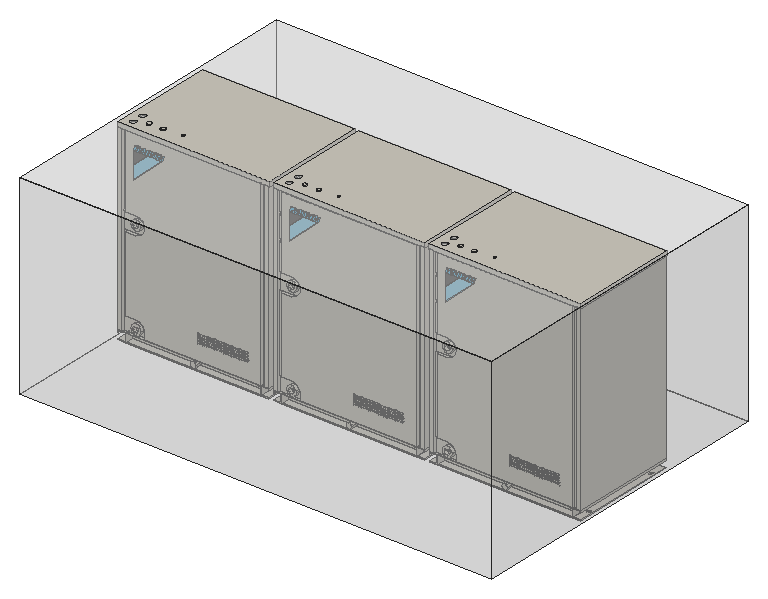
Revit family "outputfile", category 機械設備, Revit 2024
Family settings
  丸型コネクタ寸法 = 半径を使用
  種別 = なし
  パーツ タイプ = 標準
  OmniClass 番号 = 23.75.10.24.21.27.27
  OmniClass タイトル = Split System Air Conditioning Units
  作業面ベース = いいえ
  常に垂直 = はい
  ロード時にボイドで切り取り = いいえ
  注釈の向きを維持 = いいえ
  共有 = いいえ
  部屋計算ポイント = いいえ
Parameters (values of type "RWEYQ26TY14")
  製造元 = "Daikin"
  書き出し IFC クラス(タイプ) = "IfcUnitaryEquipmentType"
  定義済み IFC タイプ(タイプ) = "AIRCONDITIONINGUNIT"
  モデル = "RWEYQ26TY14"
  w_unit3 = 780.0 mm
  w_unit2 = 780.0 mm
  w_unit1 = 780.0 mm
  switch_unit3_6-8 [instance] = if(Reverse_ModuleSequence, if(default_unit1 = 1, 1 = 1, 1 = 0), if(default_unit3 = 1, 1 = 1, 1 = 0))  # yes
  switch_unit3_12 [instance] = if(Reverse_ModuleSequence, if(default_unit1 = 3, 1 = 1, 1 = 0), if(default_unit3 = 3, 1 = 1, 1 = 0))  # no
  switch_unit3_10 [instance] = if(Reverse_ModuleSequence, if(default_unit1 = 2, 1 = 1, 1 = 0), if(default_unit3 = 2, 1 = 1, 1 = 0))  # no
  switch_unit2_6-8 [instance] = if(default_unit2 = 1, 1 = 1, 1 = 0)  # yes
  switch_unit2_12 [instance] = if(default_unit2 = 3, 1 = 1, 1 = 0)  # no
  switch_unit2_10 [instance] = if(default_unit2 = 2, 1 = 1, 1 = 0)  # no
  switch_unit1_6-8 [instance] = if(Reverse_ModuleSequence, if(default_unit3 = 1, 1 = 1, 1 = 0), if(default_unit1 = 1, 1 = 1, 1 = 0))  # no
  switch_unit1_12 [instance] = if(Reverse_ModuleSequence, if(default_unit3 = 3, 1 = 1, 1 = 0), if(default_unit1 = 3, 1 = 1, 1 = 0))  # no
  switch_unit1_10 [instance] = if(Reverse_ModuleSequence, if(default_unit3 = 2, 1 = 1, 1 = 0), if(default_unit1 = 2, 1 = 1, 1 = 0))  # yes
  r_Water Outlet Pipe Connection_unit3 [instance] = Water Outlet Pipe Connection_Unit3 / 2  # 15.9 mm
  r_Water Outlet Pipe Connection_unit2 [instance] = Water Outlet Pipe Connection_Unit2 / 2  # 15.9 mm
  r_Water Outlet Pipe Connection_unit1 [instance] = Water Outlet Pipe Connection_Unit1 / 2  # 15.9 mm
  r_Water Inlet Pipe Connection_unit3 [instance] = Water Inlet Pipe Connection_Unit3 / 2  # 15.9 mm
  r_Water Inlet Pipe Connection_unit2 [instance] = Water Inlet Pipe Connection_Unit2 / 2  # 15.9 mm
  r_Water Inlet Pipe Connection_unit1 [instance] = Water Inlet Pipe Connection_Unit1 / 2  # 15.9 mm
  r_Drain Pipe Size = Drain Pipe Size / 2  # 6.35 mm
  lw_Water Outlet3 = 95.0 mm
  lw_Water Outlet2 = 95.0 mm
  lw_Water Outlet1 = 95.0 mm
  lw_Water Inlet3 = 95.0 mm
  lw_Water Inlet2 = 95.0 mm
  lw_Water Inlet1 = 95.0 mm
  lw_Drain3 = 390.0 mm
  lw_Drain2 = 390.0 mm
  lw_Drain1 = 390.0 mm
  default_Water Outlet Pipe Connection_Unit 3 = 31.8 mm
  default_Water Outlet Pipe Connection_Unit 2 = 31.8 mm
  default_Water Outlet Pipe Connection_Unit 1 = 31.8 mm
  default_Water Inlet Pipe Connection_Unit 3 = 31.8 mm
  default_Water Inlet Pipe Connection_Unit 2 = 31.8 mm
  default_Water Inlet Pipe Connection_Unit 1 = 31.8 mm
  angle_Drain [instance] = if(Rear Connection_Drain, 180.00°, 0.00°)  # 0.00°
  r_Liquid Pipe Size_unit3 [instance] = Liquid Pipe Size_Unit 3 / 2  # 4.75 mm
  r_Liquid Pipe Size_unit2 [instance] = Liquid Pipe Size_Unit 2 / 2  # 4.75 mm
  r_HP/LP Gas Pipe Size_unit3 [instance] = [HP/LP Gas Pipe Size_Unit 3] / 2  # 9.55 mm
  r_HP/LP Gas Pipe Size_unit2 [instance] = [HP/LP Gas Pipe Size_Unit 2] / 2  # 9.55 mm
  r_HP/LP Gas Pipe Size_unit1 [instance] = [HP/LP Gas Pipe Size_Unit 1] / 2  # 11.1 mm
  r_Gas Pipe Size_unit3 [instance] = Gas Pipe Size_Unit 3 / 2  # 9.55 mm
  r_Gas Pipe Size_unit2 [instance] = Gas Pipe Size_Unit 2 / 2  # 9.55 mm
  lw_powersupply3 = 51.0 mm
  lw_powersupply2 = 51.0 mm
  lw_liquidpipe3 = 274.0 mm
  lw_liquidpipe2 = 274.0 mm
  lw_gaspipe3 [instance] = if(Heat Pump, 107.0 mm, 178.0 mm)  # 107.0 mm
  lw_gaspipe2 [instance] = if(Heat Pump, 107.0 mm, 178.0 mm)  # 107.0 mm
  lw_HP/LP Gas Pipe3 [instance] = if(Heat Pump, 178.0 mm, 107.0 mm)  # 178.0 mm
  lw_HP/LP Gas Pipe2 [instance] = if(Heat Pump, 178.0 mm, 107.0 mm)  # 178.0 mm
  lw_HP/LP Gas Pipe1 [instance] = if(Heat Pump, 178.0 mm, 107.0 mm)  # 178.0 mm
  ld_HP/LP Gas Pipe = 69.0 mm
  h_mountinghole = [h_***] + 2.3 mm  # 2.3 mm
  r_Liquid Pipe Size_unit1 [instance] = Liquid Pipe Size_Unit 1 / 2  # 4.75 mm
  r_Gas Pipe Size_unit1 [instance] = Gas Pipe Size_Unit 1 / 2  # 11.1 mm
  distance_unit2-3 [instance] = 20.0 mm
  distance_unit1-2 [instance] = 20.0 mm
  default_unit3 = 1
  default_unit2 = 1
  default_unit1 = 2
  default_Model_Unit 3 = "RWEYQ8TY14"
  default_Model_Unit 2 = "RWEYQ8TY14"
  default_Model_Unit 1 = "RWEYQ10TY14"
  default_Liquid Pipe Size_Unit 3 = 9.5 mm
  default_Liquid Pipe Size_Unit 2 = 9.5 mm
  default_Liquid Pipe Size_Unit 1 = 9.5 mm
  default_HP/LP Gas Pipe Size_Unit 3 [instance] = if(and(Heat Pump, [switch_unit3_6-8]), 19.1 mm, if(and(Heat Pump, switch_unit3_10), 22.2 mm, if(and(Heat Pump, switch_unit3_12), 22.2 mm, if(and(Heat Recovery, [switch_unit3_6-8]), 15.9 mm, if(and(Heat Recovery, switch_unit3_10), 19.1 mm, if(and(Heat Recovery, switch_unit3_12), 19.1 mm, 19.1 mm))))))  # 19.1 mm
  default_HP/LP Gas Pipe Size_Unit 2 [instance] = if(and(Heat Pump, [switch_unit2_6-8]), 19.1 mm, if(and(Heat Pump, switch_unit2_10), 22.2 mm, if(and(Heat Pump, switch_unit2_12), 22.2 mm, if(and(Heat Recovery, [switch_unit2_6-8]), 15.9 mm, if(and(Heat Recovery, switch_unit2_10), 19.1 mm, if(and(Heat Recovery, switch_unit2_12), 19.1 mm, 19.1 mm))))))  # 19.1 mm
  default_HP/LP Gas Pipe Size_Unit 1 [instance] = if(and(Heat Pump, [switch_unit1_6-8]), 19.1 mm, if(and(Heat Pump, switch_unit1_10), 22.2 mm, if(and(Heat Pump, switch_unit1_12), 22.2 mm, if(and(Heat Recovery, [switch_unit1_6-8]), 15.9 mm, if(and(Heat Recovery, switch_unit1_10), 19.1 mm, if(and(Heat Recovery, switch_unit1_12), 19.1 mm, 19.1 mm))))))  # 22.2 mm
  default_Gas Pipe Size_Unit 3 = 19.1 mm
  default_Gas Pipe Size_Unit 2 = 19.1 mm
  default_Gas Pipe Size_Unit 1 = 22.2 mm
  Water Outlet Pipe Connection_Unit3 [instance] = if(Reverse_ModuleSequence, default_Water Outlet Pipe Connection_Unit 1, default_Water Outlet Pipe Connection_Unit 3)  # 31.8 mm
  Water Outlet Pipe Connection_Unit2 [instance] = if(Reverse_ModuleSequence, default_Water Inlet Pipe Connection_Unit 2, default_Water Inlet Pipe Connection_Unit 2)  # 31.8 mm
  Water Outlet Pipe Connection_Unit1 [instance] = if(Reverse_ModuleSequence, default_Water Outlet Pipe Connection_Unit 3, default_Water Outlet Pipe Connection_Unit 1)  # 31.8 mm
  Water Inlet Pipe Connection_Unit3 [instance] = if(Reverse_ModuleSequence, default_Water Inlet Pipe Connection_Unit 1, default_Water Inlet Pipe Connection_Unit 3)  # 31.8 mm
  Water Inlet Pipe Connection_Unit2 [instance] = if(Reverse_ModuleSequence, default_Water Outlet Pipe Connection_Unit 2, default_Water Outlet Pipe Connection_Unit 2)  # 31.8 mm
  Water Inlet Pipe Connection_Unit1 [instance] = if(Reverse_ModuleSequence, default_Water Inlet Pipe Connection_Unit 3, default_Water Inlet Pipe Connection_Unit 1)  # 31.8 mm
  Voltage_comment_50Hz = "380-415"
  Voltage_50Hz = 400 V
  Top Connection_powersupply2 [instance] = not(Top Connection_powersupply1)  # no
  Sound Power Level (dB) = 76
  Reverse_ModuleSequence [instance] = no
  Rear Connection_Drain [instance] = not(Front Connection_Drain)  # no
  Power Input (Heating) = 13.600 kW
  Phase_50Hz = 3
  Nominal Heating Capacity = 81.500 kW
  Model_Unit 3 [instance] = if(Reverse_ModuleSequence, default_Model_Unit 1, default_Model_Unit 3)  # "RWEYQ8TY14"
  Model_Unit 2 [instance] = if(Reverse_ModuleSequence, default_Model_Unit 2, default_Model_Unit 2)  # "RWEYQ8TY14"
  Model_Unit 1 [instance] = if(Reverse_ModuleSequence, default_Model_Unit 3, default_Model_Unit 1)  # "RWEYQ10TY14"
  Minimum Circuit Amps_50Hz = 40.9 A
  Maximum Fuse Amps_50Hz = 45.0 A
  Material_Heat Exchanger = DAIKIN_Blue_HE_outdoorunit
  Material_Casing = DAIKIN_IvoryWhite_Casing_outdoorunit
  lw_powersupply1 = 51.0 mm
  lw_liquidpipe1 = 274.0 mm
  lw_gaspipe1 [instance] = if(Heat Pump, 107.0 mm, 178.0 mm)  # 107.0 mm
  lh_powersupply = 940.0 mm
  ld_powersupply [instance] = if(Top Connection_powersupply1, 38.0 mm, 98.0 mm)  # 38.0 mm
  ld_liquidpipe = 79.0 mm
  ld_gaspipe = 69.0 mm
  h_*** = 0.0 mm
  Width [instance] = [distance_unit1-2] + [distance_unit2-3] + w_unit1 + w_unit2 + w_unit3  # 2380.0 mm
  Version = "ver.1.0"
  Unit Type = ""
  Unit Mass Weight = 439.00 kg
  Unit Designation [instance] = ""
  Uniclass2015Version = "Products v1.30"
  Uniclass2015Title = "Variable refrigerant flow units"
  Uniclass2015Code = "Pr_70_65_03_94"
  Total Cooling Capacity [instance] = 0.000 kW
  Sound Pressure Level (dBA) = 55
  Series = "VRV Heat Recovery"
  Refrigerant_Base Charge = 11.200 kg
  Refrigerant_Additional Charge [instance] = 0.000 kg
  Refrigerant Type = "R410A"
  Power Input (Cooling) = 13.200 kW
  Option Accessory 3 [instance] = ""
  Option Accessory 2 [instance] = ""
  Option Accessory 1 [instance] = ""
  Nominal Cooling Capacity = 72.800 kW
  Load Classification = HVAC
  Liquid Pipe Size_Unit 3 [instance] = if(Reverse_ModuleSequence, default_Liquid Pipe Size_Unit 1, default_Liquid Pipe Size_Unit 3)  # 9.5 mm
  Liquid Pipe Size_Unit 2 [instance] = if(Reverse_ModuleSequence, default_Liquid Pipe Size_Unit 2, default_Liquid Pipe Size_Unit 2)  # 9.5 mm
  Liquid Pipe Size_Unit 1 [instance] = if(Reverse_ModuleSequence, default_Liquid Pipe Size_Unit 3, default_Liquid Pipe Size_Unit 1)  # 9.5 mm
  Link_Nested Family [instance] = ""
  Intermediate Liquid Pipe Size_Unit1-2 = 12.7 mm
  Intermediate HP/LP Gas Pipe Size_Unit1-2 = 22.2 mm
  Intermediate Gas Pipe Size_Unit1-2 = 28.6 mm
  IfcVersion = ""
  IfcExportType = "AIRCONDITIONINGUNIT"
  IfcExportAs = "IfcUnitaryEquipmentType"
  Height = 1000.0 mm
  Heat Recovery [instance] = not(Heat Pump)  # no
  Heat Pump [instance] = yes
  Heat Exchanger Type = "Stainless Steel Plate"
  HP/LP Gas Pipe Size_Unit 3 [instance] = [default_HP/LP Gas Pipe Size_Unit 3]  # 19.1 mm
  HP/LP Gas Pipe Size_Unit 2 [instance] = [default_HP/LP Gas Pipe Size_Unit 2]  # 19.1 mm
  HP/LP Gas Pipe Size_Unit 1 [instance] = [default_HP/LP Gas Pipe Size_Unit 1]  # 22.2 mm
  Gas Pipe Size_Unit 3 [instance] = if(Reverse_ModuleSequence, default_Gas Pipe Size_Unit 1, default_Gas Pipe Size_Unit 3)  # 19.1 mm
  Gas Pipe Size_Unit 2 [instance] = if(Reverse_ModuleSequence, default_Gas Pipe Size_Unit 2, default_Gas Pipe Size_Unit 2)  # 19.1 mm
  Gas Pipe Size_Unit 1 [instance] = if(Reverse_ModuleSequence, default_Gas Pipe Size_Unit 3, default_Gas Pipe Size_Unit 1)  # 22.2 mm
  Top Connection_powersupply1 [instance] = yes
  Front Connection_Drain [instance] = yes
  Frequency_50Hz = 50 Hz
  Drain Pipe Size = 12.7 mm
  Depth = 550.0 mm
  既定の高さ = 0.0 mm
  Cooling Ambient Wet Bulb Temperature [instance] = 0.00 °C
  Cooling Ambient Dry Bulb Temperature [instance] = 0.00 °C
  Compressor Type = "Hermetically Sealed Scroll Type"
  Clearance visibility [instance] = yes
  Clearance Top = 0.0 mm
  Clearance Right = 20.0 mm
  Clearance Rear = 500.0 mm
  Clearance Left = 20.0 mm
  Clearance Front = 600.0 mm
  Clearance Bottom = 0.0 mm
  CU Tag No. [instance] = ""
Reference planes
  plane 1 "Center (Front/Back)": y = 0
  plane 2 "h_***": z = 0
  plane 3 "Center (Left/Right)": x = 0
  plane 4 "Back": y = 275
  plane 5 "Front": y = -275
  plane 6 "Left": x = -390
  plane 7 "w_unit1": x = 390
  plane 8 "Top": z = 1000
  plane 9 "Clearance Rear": y = 775
  plane 10 "Clearance Front": y = -875
  plane 11 "Clearance Left": x = -410
  plane 12 "Clearance Right": x = 2010
  plane 13 "Clearance Top": z = 1000
  plane 14 "Clearance Bottom": z = 0
  plane 15 "Bottom": z = 0
  plane 16 "lw_powersupply1": x = -339
  plane 17 "ld_powersupply": y = -237
  plane 18 "lw_liquidpipe1": x = -116
  plane 19 "Rear Connection_refrigetant": y = -196
  plane 20 "lw_gaspipe1": x = -283
  plane 21 "ld_gaspipe": y = -206
  plane 22 "lh_logo": z = 900
  plane 23 "lw_logo": x = 100
  plane 24 "lh_powersupply": z = 940
  plane 25 "lw_HP/LP Gas Pipe1": x = -212
  plane 26 "ld_HP/LP Gas Pipe": y = -206
  plane 27 "l_unit2": x = 410
  plane 28 "w_unit2": x = 1190
  plane 29 "lw_powersupply2": x = 461
  plane 30 "lw_liquidpipe2": x = 684
  plane 31 "lw_gaspipe2": x = 517
  plane 32 "lw_HP/LP Gas Pipe2": x = 588
  plane 33 "Right": x = 1990
  plane 34 "叴": x = 1210
  plane 35 "叵": x = 1261
  plane 36 "叶": x = 1484
  plane 37 "号": x = 1317
  plane 38 "司": x = 1388
  plane 39 "lw_Water Inlet2": x = 505
  plane 40 "lw_Water Inlet3": x = 1305
  plane 41 "lw_Water Outlet1": x = -295
  plane 42 "lw_Water Outlet2": x = 505
  plane 43 "lw_Water Outlet3": x = 1305
  plane 44 "lw_Drain1": x = 0
  plane 45 "lw_Drain2": x = 800
  plane 46 "lw_Drain3": x = 1600
  plane 47 "lw_Water Inlet1": x = -295
Dimensions and locks
  equal spacing: plane 4 "Back", plane 1 "Center (Front/Back)", plane 5 "Front"
  "Depth": plane 4 "Back" to plane 5 "Front"
  equal spacing: plane 6 "Left", plane 3 "Center (Left/Right)", plane 7 "w_unit1"
  "w_unit1": plane 6 "Left" to plane 7 "w_unit1"
  "Clearance Rear": plane 9 "Clearance Rear" to plane 4 "Back"
  "Clearance Front": plane 10 "Clearance Front" to plane 5 "Front"
  "Clearance Left": plane 11 "Clearance Left" to plane 6 "Left"
  "Clearance Top": plane 13 "Clearance Top" to plane 8 "Top"
  "h_***": plane 15 "Bottom" to plane 2 "h_***"
  "Height": plane 8 "Top" to plane 15 "Bottom"
  "Clearance Bottom": plane 15 "Bottom" to plane 14 "Clearance Bottom"
  "ld_powersupply": plane 17 "ld_powersupply" to plane 5 "Front"
  "ld_liquidpipe": plane 19 "Rear Connection_refrigetant" to plane 5 "Front"
  "ld_gaspipe": plane 21 "ld_gaspipe" to plane 5 "Front"
  locked: plane 23 "lw_logo" to plane 7 "w_unit1" at 290
  locked: plane 22 "lh_logo" to plane 15 "Bottom" at 900
  "lw_gaspipe1": plane 6 "Left" to plane 20 "lw_gaspipe1"
  "lw_liquidpipe1": plane 6 "Left" to plane 18 "lw_liquidpipe1"
  "lw_powersupply1": plane 6 "Left" to plane 16 "lw_powersupply1"
  "lh_powersupply": plane 24 "lh_powersupply" to plane 15 "Bottom"
  "lw_HP/LP Gas Pipe1": plane 6 "Left" to plane 25 "lw_HP/LP Gas Pipe1"
  "ld_HP/LP Gas Pipe": plane 26 "ld_HP/LP Gas Pipe" to plane 5 "Front"
  "distance_unit1-2": plane 7 "w_unit1" to plane 27 "l_unit2"
  "lw_powersupply2": plane 27 "l_unit2" to plane 29 "lw_powersupply2"
  "lw_HP/LP Gas Pipe2": plane 27 "l_unit2" to plane 32 "lw_HP/LP Gas Pipe2"
  "lw_gaspipe2": plane 27 "l_unit2" to plane 31 "lw_gaspipe2"
  "lw_liquidpipe2": plane 27 "l_unit2" to plane 30 "lw_liquidpipe2"
  "w_unit2": plane 27 "l_unit2" to plane 28 "w_unit2"
  "distance_unit2-3": plane 28 "w_unit2" to plane 34 "叴"
  "Width": plane 6 "Left" to plane 33 "Right"
  "Clearance Right": plane 33 "Right" to plane 12 "Clearance Right"
  "lw_powersupply3": plane 34 "叴" to plane 35 "叵"
  "lw_HP/LP Gas Pipe3": plane 34 "叴" to plane 38 "司"
  "lw_gaspipe3": plane 34 "叴" to plane 37 "号"
  "lw_liquidpipe3": plane 34 "叴" to plane 36 "叶"
  "lw_Water Inlet1": plane 6 "Left" to plane 47 "lw_Water Inlet1"
  "lw_Water Inlet2": plane 27 "l_unit2" to plane 39 "lw_Water Inlet2"
  "lw_Water Inlet3": plane 34 "叴" to plane 40 "lw_Water Inlet3"
  "lw_Water Outlet1": plane 6 "Left" to plane 41 "lw_Water Outlet1"
  "lw_Water Outlet2": plane 27 "l_unit2" to plane 42 "lw_Water Outlet2"
  "lw_Water Outlet3": plane 34 "叴" to plane 43 "lw_Water Outlet3"
  "lw_Drain1": plane 6 "Left" to plane 44 "lw_Drain1"
  "lw_Drain2": plane 27 "l_unit2" to plane 45 "lw_Drain2"
  "lw_Drain3": plane 34 "叴" to plane 46 "lw_Drain3"
  aligned and locked: level to plane 2 "h_***"
  aligned and locked: nested 2 to plane 9 "Clearance Rear"
  aligned and locked: nested 2 to plane 10 "Clearance Front"
  aligned and locked: plane 11 "Clearance Left" to nested 2
  aligned and locked: plane 12 "Clearance Right" to nested 2
  aligned and locked: nested 2 to plane 13 "Clearance Top"
  aligned and locked: nested 2 to plane 14 "Clearance Bottom"
  aligned and locked: plane 8 "Top" to nested 1
  aligned and locked: plane 22 "lh_logo" to nested 7
  aligned and locked: nested 8 to plane 16 "lw_powersupply1"
  aligned and locked: nested 9 to plane 20 "lw_gaspipe1"
  aligned and locked: nested 10 to plane 18 "lw_liquidpipe1"
  aligned and locked: nested 10 to plane 19 "Rear Connection_refrigetant"
  aligned and locked: nested 9 to plane 21 "ld_gaspipe"
  aligned and locked: nested 8 to plane 17 "ld_powersupply"
  aligned and locked: plane 5 "Front" to nested 7
  aligned and locked: plane 24 "lh_powersupply" to nested 8
  aligned and locked: plane 27 "l_unit2" to nested 11
  aligned and locked: nested 17 to plane 29 "lw_powersupply2"
  aligned and locked: nested 17 to plane 17 "ld_powersupply"
  aligned and locked: nested 18 to plane 31 "lw_gaspipe2"
  aligned and locked: nested 18 to plane 26 "ld_HP/LP Gas Pipe"
  aligned and locked: plane 1 "Center (Front/Back)" to nested 20
  aligned and locked: plane 34 "叴" to nested 20
  aligned and locked: nested 27 to plane 35 "叵"
  aligned and locked: nested 28 to plane 37 "号"
  aligned and locked: nested 26 to plane 36 "叶"
  aligned and locked: plane 17 "ld_powersupply" to nested 27
  aligned and locked: plane 21 "ld_gaspipe" to nested 28
  aligned and locked: plane 19 "Rear Connection_refrigetant" to nested 26
  aligned and locked: nested 27 to plane 24 "lh_powersupply"
  aligned and locked: plane 1 "Center (Front/Back)" to nested 29
  aligned and locked: plane 1 "Center (Front/Back)" to nested 30
  aligned and locked: plane 1 "Center (Front/Back)" to nested 31
  aligned and locked: plane 1 "Center (Front/Back)" to nested 32
  aligned and locked: plane 1 "Center (Front/Back)" to nested 33
  aligned and locked: plane 1 "Center (Front/Back)" to nested 34
  aligned and locked: plane 1 "Center (Front/Back)" to nested 35
  aligned and locked: plane 1 "Center (Front/Back)" to nested 36
  aligned and locked: plane 1 "Center (Front/Back)" to nested 37
  aligned and locked: plane 47 "lw_Water Inlet1" to nested 29
  aligned and locked: plane 39 "lw_Water Inlet2" to nested 30
  aligned and locked: plane 40 "lw_Water Inlet3" to nested 31
  aligned and locked: plane 41 "lw_Water Outlet1" to nested 32
  aligned and locked: plane 42 "lw_Water Outlet2" to nested 33
  aligned and locked: plane 43 "lw_Water Outlet3" to nested 34
  aligned and locked: plane 44 "lw_Drain1" to nested 35
  aligned and locked: plane 45 "lw_Drain2" to nested 36
  aligned and locked: plane 46 "lw_Drain3" to nested 37
  aligned and locked: plane 25 "lw_HP/LP Gas Pipe1" to nested 38
  aligned and locked: plane 32 "lw_HP/LP Gas Pipe2" to nested 39
  aligned and locked: plane 38 "司" to nested 40
  aligned and locked: nested 38 to plane 26 "ld_HP/LP Gas Pipe"
  aligned and locked: nested 39 to plane 26 "ld_HP/LP Gas Pipe"
  aligned and locked: plane 26 "ld_HP/LP Gas Pipe" to nested 40
Nested families
  nested 1: "DAIKIN_outdoorunit_RWEYQ-TY14" at (-31, 0, 0), h_*** <- "h_***", Link_Nest <- "Link_Nested Family", h_mountinghole <- "h_mountinghole", Width <- "w_unit1", switch_unit1_6-8 <- "switch_unit1_6-8", switch_unit1_10 <- "switch_unit1_10", switch_unit1_12 <- "switch_unit1_12", type "RWEYQ-TY14"
    with switch_unit1_6-8 no, switch_unit1_12 no, switch_unit1_10 yes, show_fixedhole yes, h_mountinghole 2.3 mm, h_antenna_mountinghole 998.7 mm, h_*** 0.0 mm, array_bolt 5, Width 780.0 mm, Liquid Pipe Size_Unit 1 9.5 mm, Link_Nest "", HP/LP Pipe Size_Unit 1 22.2 mm, Gas Pipe Size_Unit 1 22.2 mm
  nested 2: "daikin_clearancespace" at (800, -50, 500.119), visible <- "Clearance visibility", show <- "Clearance visibility", Link_Nested Family <- "Link_Nested Family", type "daikin_clearancespace"
    with width 2420.0 mm, show yes, height 1000.0 mm, depth 1650.0 mm, Link_Nested Family ""
  nested 3: "daikin_mountinghole" at (-372, 200, 0), type "daikin_mountinghole"
    with show yes, l_antenna 998.7 mm, h_mountinghole 2.3 mm, Link_Nested Family ""
  nested 4: "daikin_mountinghole" at (372, 200, 0), type "daikin_mountinghole"
    with show yes, l_antenna 998.7 mm, h_mountinghole 2.3 mm, Link_Nested Family ""
  nested 5: "daikin_mountinghole" at (-372, -200, 0), type "daikin_mountinghole"
    with show yes, l_antenna 998.7 mm, h_mountinghole 2.3 mm, Link_Nested Family ""
  nested 6: "daikin_mountinghole" at (372, -200, 0), type "daikin_mountinghole"
    with show yes, l_antenna 998.7 mm, h_mountinghole 2.3 mm, Link_Nested Family ""
  nested 7: "daikin_logo_elevation_w150" at (-212.5, -275, 744.568), type "daikin_logo_elevation_w150"
    with show_logo yes
  nested 8: "daikin_connector_rotate3" at (-339, -237, 940) x (-1, 0, 0) z (0, 0, -1), type "daikin_connector_rotate3"
    with show no, radius 10.0 mm, length 60.0 mm, angle_vertical 0.00°, angle_horizontal 0.00°
  nested 9: "daikin_connector_rotate3" at (-283, -206, 940) x (-1, 0, 0) z (0, 0, -1), radius <- "r_Gas Pipe Size_unit1", type "daikin_connector_rotate3"
    with show no, radius 11.1 mm, length 60.0 mm, angle_vertical 0.00°, angle_horizontal 0.00°
  nested 10: "daikin_connector_rotate3" at (-116, -196, 940) x (-1, 0, 0) z (0, 0, -1), radius <- "r_Liquid Pipe Size_unit1", type "daikin_connector_rotate3"
    with show no, radius 4.75 mm, length 60.0 mm, angle_vertical 0.00°, angle_horizontal 0.00°
  nested 11: "DAIKIN_outdoorunit_RWEYQ-TY14" at (769, 0, 0), Width <- "w_unit2", switch_unit1_6-8 <- "switch_unit2_6-8", switch_unit1_10 <- "switch_unit2_10", switch_unit1_12 <- "switch_unit2_12", type "RWEYQ-TY14"
    with switch_unit1_6-8 yes, switch_unit1_12 no, switch_unit1_10 no, show_fixedhole yes, h_mountinghole 2.3 mm, h_antenna_mountinghole 998.7 mm, h_*** 0.0 mm, array_bolt 5, Width 780.0 mm, Liquid Pipe Size_Unit 1 9.5 mm, Link_Nest "", HP/LP Pipe Size_Unit 1 19.1 mm, Gas Pipe Size_Unit 1 19.1 mm
  nested 12: "daikin_mountinghole" at (428, 200, 0), type "daikin_mountinghole"
    with show yes, l_antenna 998.7 mm, h_mountinghole 2.3 mm, Link_Nested Family ""
  nested 13: "daikin_mountinghole" at (1172, 200, 0), type "daikin_mountinghole"
    with show yes, l_antenna 998.7 mm, h_mountinghole 2.3 mm, Link_Nested Family ""
  nested 14: "daikin_mountinghole" at (428, -200, 0), type "daikin_mountinghole"
    with show yes, l_antenna 998.7 mm, h_mountinghole 2.3 mm, Link_Nested Family ""
  nested 15: "daikin_mountinghole" at (1172, -200, 0), type "daikin_mountinghole"
    with show yes, l_antenna 998.7 mm, h_mountinghole 2.3 mm, Link_Nested Family ""
  nested 16: "daikin_connector_rotate3" at (684, -196, 940) x (-1, 0, 0) z (0, 0, -1), radius <- "r_Liquid Pipe Size_unit2", type "daikin_connector_rotate3"
    with show no, radius 4.75 mm, length 60.0 mm, angle_vertical 0.00°, angle_horizontal 0.00°
  nested 17: "daikin_connector_rotate3" at (461, -237, 940) x (-1, 0, 0) z (0, 0, -1), type "daikin_connector_rotate3"
    with show no, radius 10.0 mm, length 60.0 mm, angle_vertical 0.00°, angle_horizontal 0.00°
  nested 18: "daikin_connector_rotate3" at (517, -206, 940) x (-1, 0, 0) z (0, 0, -1), radius <- "r_Gas Pipe Size_unit2", type "daikin_connector_rotate3"
    with show no, radius 9.55 mm, length 60.0 mm, angle_vertical 0.00°, angle_horizontal 0.00°
  nested 19: "daikin_logo_elevation_w150" at (587.5, -275, 744.568), type "daikin_logo_elevation_w150"
    with show_logo yes
  nested 20: "DAIKIN_outdoorunit_RWEYQ-TY14" at (1569, 0, 0), switch_unit1_6-8 <- "switch_unit3_6-8", switch_unit1_10 <- "switch_unit3_10", switch_unit1_12 <- "switch_unit3_12", Width <- "w_unit3", type "RWEYQ-TY14"
    with switch_unit1_6-8 yes, switch_unit1_12 no, switch_unit1_10 no, show_fixedhole yes, h_mountinghole 2.3 mm, h_antenna_mountinghole 998.7 mm, h_*** 0.0 mm, array_bolt 5, Width 780.0 mm, Liquid Pipe Size_Unit 1 9.5 mm, Link_Nest "", HP/LP Pipe Size_Unit 1 19.1 mm, Gas Pipe Size_Unit 1 19.1 mm
  nested 21: "daikin_mountinghole" at (1228, 200, 0), type "daikin_mountinghole"
    with show yes, l_antenna 998.7 mm, h_mountinghole 2.3 mm, Link_Nested Family ""
  nested 22: "daikin_mountinghole" at (1972, 200, 0), type "daikin_mountinghole"
    with show yes, l_antenna 998.7 mm, h_mountinghole 2.3 mm, Link_Nested Family ""
  nested 23: "daikin_mountinghole" at (1228, -200, 0), type "daikin_mountinghole"
    with show yes, l_antenna 998.7 mm, h_mountinghole 2.3 mm, Link_Nested Family ""
  nested 24: "daikin_mountinghole" at (1972, -200, 0), type "daikin_mountinghole"
    with show yes, l_antenna 998.7 mm, h_mountinghole 2.3 mm, Link_Nested Family ""
  nested 25: "daikin_logo_elevation_w150" at (1387.5, -275, 744.568), type "daikin_logo_elevation_w150"
    with show_logo yes
  nested 26: "daikin_connector_rotate3" at (1484, -196, 940) x (-1, 0, 0) z (0, 0, -1), radius <- "r_Liquid Pipe Size_unit3", type "daikin_connector_rotate3"
    with show no, radius 4.75 mm, length 60.0 mm, angle_vertical 0.00°, angle_horizontal 0.00°
  nested 27: "daikin_connector_rotate3" at (1261, -237, 940) x (-1, 0, 0) z (0, 0, -1), type "daikin_connector_rotate3"
    with show no, radius 10.0 mm, length 60.0 mm, angle_vertical 0.00°, angle_horizontal 0.00°
  nested 28: "daikin_connector_rotate3" at (1317, -206, 940) x (-1, 0, 0) z (0, 0, -1), radius <- "r_Gas Pipe Size_unit3", type "daikin_connector_rotate3"
    with show no, radius 9.55 mm, length 60.0 mm, angle_vertical 0.00°, angle_horizontal 0.00°
  nested 29: "daikin_connector_rotate3" at (-295, 0, 76), radius <- "r_Water Inlet Pipe Connection_unit1", type "daikin_connector_rotate3"
    with show no, radius 15.9 mm, length 275.0 mm, angle_vertical 90.00°, angle_horizontal 0.00°
  nested 30: "daikin_connector_rotate3" at (505, 0, 76), radius <- "r_Water Inlet Pipe Connection_unit2", type "daikin_connector_rotate3"
    with show no, radius 15.9 mm, length 275.0 mm, angle_vertical 90.00°, angle_horizontal 0.00°
  nested 31: "daikin_connector_rotate3" at (1305, 0, 76), radius <- "r_Water Inlet Pipe Connection_unit3", type "daikin_connector_rotate3"
    with show no, radius 15.9 mm, length 275.0 mm, angle_vertical 90.00°, angle_horizontal 0.00°
  nested 32: "daikin_connector_rotate3" at (-295, 0, 556), radius <- "r_Water Outlet Pipe Connection_unit1", type "daikin_connector_rotate3"
    with show no, radius 15.9 mm, length 275.0 mm, angle_vertical 90.00°, angle_horizontal 0.00°
  nested 33: "daikin_connector_rotate3" at (505, 0, 556), radius <- "r_Water Outlet Pipe Connection_unit2", type "daikin_connector_rotate3"
    with show no, radius 15.9 mm, length 275.0 mm, angle_vertical 90.00°, angle_horizontal 0.00°
  nested 34: "daikin_connector_rotate3" at (1305, 0, 556), radius <- "r_Water Outlet Pipe Connection_unit3", type "daikin_connector_rotate3"
    with show no, radius 15.9 mm, length 275.0 mm, angle_vertical 90.00°, angle_horizontal 0.00°
  nested 35: "daikin_connector_rotate3" at (0, 0, 19), radius <- "r_Drain Pipe Size", angle_horizontal <- "angle_Drain", type "daikin_connector_rotate3"
    with show no, radius 6.35 mm, length 275.0 mm, angle_vertical 90.00°, angle_horizontal 0.00°
  nested 36: "daikin_connector_rotate3" at (800, 0, 19), angle_horizontal <- "angle_Drain", radius <- "r_Drain Pipe Size", type "daikin_connector_rotate3"
    with show no, radius 6.35 mm, length 275.0 mm, angle_vertical 90.00°, angle_horizontal 0.00°
  nested 37: "daikin_connector_rotate3" at (1600, 0, 19), angle_horizontal <- "angle_Drain", radius <- "r_Drain Pipe Size", type "daikin_connector_rotate3"
    with show no, radius 6.35 mm, length 275.0 mm, angle_vertical 90.00°, angle_horizontal 0.00°
  nested 38: "daikin_connector_rotate3" at (-212, -206, 940) x (1, 0, 0) z (0, 0, -1), radius <- "r_HP/LP Gas Pipe Size_unit1", type "daikin_connector_rotate3"
    with show no, radius 11.1 mm, length 60.0 mm, angle_vertical 0.00°, angle_horizontal 0.00°
  nested 39: "daikin_connector_rotate3" at (588, -206, 940) x (1, 0, 0) z (0, 0, -1), radius <- "r_HP/LP Gas Pipe Size_unit2", type "daikin_connector_rotate3"
    with show no, radius 9.55 mm, length 60.0 mm, angle_vertical 0.00°, angle_horizontal 0.00°
  nested 40: "daikin_connector_rotate3" at (1388, -206, 940) x (1, 0, 0) z (0, 0, -1), radius <- "r_HP/LP Gas Pipe Size_unit3", type "daikin_connector_rotate3"
    with show no, radius 9.55 mm, length 60.0 mm, angle_vertical 0.00°, angle_horizontal 0.00°
Connectors
  piping at (-116, -196, 1000), diameter 9.5, driven by "r_Liquid Pipe Size_unit1"
    settings: on nested 10, index 12, connector inside diameter 609.6 mm, connector length 0.0 mm, flow factor 0, pipe flow 0.00 m³/h, pressure drop 0.0 Pa, fitting loss kfactor 0, connector angle 0.00°, fixture units 0, engagement length 0.0 mm, angle of deflection 0.00°, flow configuration 0, flow direction 2, fitting loss method 0, system type 29, joint type 0, gender type 0, connector reference index -1, connector utility 0, adjustable connector no, is connector primary no, connector description "Refrigerant Liquid Piping1"
  electrical at (-339, -237, 1000), driven by "Load Classification"
    settings: on nested 8, index 13, voltage 0 V, apparent load 0 VA, apparent load phase1 0 VA, apparent load phase2 0 VA, apparent load phase3 0 VA, power factor 1, load classification "HVAC", number of poles 1, system type 30, power factor state 1, is connector primary yes, connector utility no, sub classification motor no, connector description "Power Supply1"
  piping at (684, -196, 1000), diameter 9.5, driven by "r_Liquid Pipe Size_unit2"
    settings: on nested 16, index 15, connector inside diameter 609.6 mm, connector length 0.0 mm, flow factor 0, pipe flow 0.00 m³/h, pressure drop 0.0 Pa, fitting loss kfactor 0, connector angle 0.00°, fixture units 0, engagement length 0.0 mm, angle of deflection 0.00°, flow configuration 0, flow direction 2, fitting loss method 0, system type 29, joint type 0, gender type 0, connector reference index -1, connector utility 0, adjustable connector no, is connector primary no, connector description "Refrigerant Liquid Piping2"
  electrical at (461, -237, 1000), driven by "Load Classification"
    settings: on nested 17, index 17, voltage 0 V, apparent load 0 VA, apparent load phase1 0 VA, apparent load phase2 0 VA, apparent load phase3 0 VA, power factor 1, load classification "HVAC", number of poles 1, system type 30, power factor state 1, is connector primary no, connector utility no, sub classification motor no, connector description "Power Supply2"
  piping at (1484, -196, 1000), diameter 9.5, driven by "r_Liquid Pipe Size_unit3"
    settings: on nested 26, index 19, connector inside diameter 609.6 mm, connector length 0.0 mm, flow factor 0, pipe flow 0.00 m³/h, pressure drop 0.0 Pa, fitting loss kfactor 0, connector angle 0.00°, fixture units 0, engagement length 0.0 mm, angle of deflection 0.00°, flow configuration 0, flow direction 2, fitting loss method 0, system type 29, joint type 0, gender type 0, connector reference index -1, connector utility 0, adjustable connector no, is connector primary no, connector description "Refrigerant Liquid Piping3"
  electrical at (1261, -237, 1000), driven by "Load Classification"
    settings: on nested 27, index 21, voltage 0 V, apparent load 0 VA, apparent load phase1 0 VA, apparent load phase2 0 VA, apparent load phase3 0 VA, power factor 1, load classification "HVAC", number of poles 1, system type 30, power factor state 1, is connector primary no, connector utility no, sub classification motor no, connector description "Power Supply3"
  piping at (-295, -275, 556), diameter 31.8, driven by "r_Water Outlet Pipe Connection_unit1"
    settings: on nested 32, index 24, connector inside diameter 609.6 mm, connector length 0.0 mm, flow factor 0, pipe flow 0.00 m³/h, pressure drop 0.0 Pa, fitting loss kfactor 0, connector angle 0.00°, fixture units 0, engagement length 0.0 mm, angle of deflection 0.00°, flow configuration 1, flow direction 2, fitting loss method 0, system type 8, joint type 0, gender type 0, connector reference index -1, connector utility 0, adjustable connector no, is connector primary no, connector description "Cooling Water Outlet Piping 1"
  piping at (-295, -275, 76), diameter 31.8, driven by "r_Water Inlet Pipe Connection_unit1"
    settings: on nested 29, index 25, connector inside diameter 609.6 mm, connector length 0.0 mm, flow factor 0, pipe flow 0.00 m³/h, pressure drop 0.0 Pa, fitting loss kfactor 0, connector angle 0.00°, fixture units 0, engagement length 0.0 mm, angle of deflection 0.00°, flow configuration 1, flow direction 1, fitting loss method 0, system type 7, joint type 0, gender type 0, connector reference index -1, connector utility 0, adjustable connector no, is connector primary no, connector description "Cooling Water Inlet  Piping 1"
  piping at (0, -275, 19), diameter 12.7, driven by "r_Drain Pipe Size"
    settings: on nested 35, index 26, connector inside diameter 609.6 mm, connector length 0.0 mm, flow factor 0, pipe flow 0.00 m³/h, pressure drop 0.0 Pa, fitting loss kfactor 0, connector angle 0.00°, fixture units 0, engagement length 0.0 mm, angle of deflection 0.00°, flow configuration 1, flow direction 2, fitting loss method 4, system type 16, joint type 0, gender type 0, connector reference index -1, connector utility 0, adjustable connector no, is connector primary no, connector description "Condensate Drain Piping 1"
  piping at (505, -275, 556), diameter 31.8, driven by "r_Water Outlet Pipe Connection_unit2"
    settings: on nested 33, index 27, connector inside diameter 609.6 mm, connector length 0.0 mm, flow factor 0, pipe flow 0.00 m³/h, pressure drop 0.0 Pa, fitting loss kfactor 0, connector angle 0.00°, fixture units 0, engagement length 0.0 mm, angle of deflection 0.00°, flow configuration 1, flow direction 2, fitting loss method 0, system type 8, joint type 0, gender type 0, connector reference index -1, connector utility 0, adjustable connector no, is connector primary no, connector description "Cooling Water Outlet Piping 2"
  piping at (505, -275, 76), diameter 31.8, driven by "r_Water Inlet Pipe Connection_unit2"
    settings: on nested 30, index 28, connector inside diameter 609.6 mm, connector length 0.0 mm, flow factor 0, pipe flow 0.00 m³/h, pressure drop 0.0 Pa, fitting loss kfactor 0, connector angle 0.00°, fixture units 0, engagement length 0.0 mm, angle of deflection 0.00°, flow configuration 1, flow direction 1, fitting loss method 0, system type 7, joint type 0, gender type 0, connector reference index -1, connector utility 0, adjustable connector no, is connector primary no, connector description "Cooling Water Inlet  Piping 2"
  piping at (800, -275, 19), diameter 12.7, driven by "r_Drain Pipe Size"
    settings: on nested 36, index 29, connector inside diameter 609.6 mm, connector length 0.0 mm, flow factor 0, pipe flow 0.00 m³/h, pressure drop 0.0 Pa, fitting loss kfactor 0, connector angle 0.00°, fixture units 0, engagement length 0.0 mm, angle of deflection 0.00°, flow configuration 1, flow direction 2, fitting loss method 4, system type 16, joint type 0, gender type 0, connector reference index -1, connector utility 0, adjustable connector no, is connector primary no, connector description "Condensate Drain Piping 2"
  piping at (1305, -275, 556), diameter 31.8, driven by "r_Water Outlet Pipe Connection_unit3"
    settings: on nested 34, index 30, connector inside diameter 609.6 mm, connector length 0.0 mm, flow factor 0, pipe flow 0.00 m³/h, pressure drop 0.0 Pa, fitting loss kfactor 0, connector angle 0.00°, fixture units 0, engagement length 0.0 mm, angle of deflection 0.00°, flow configuration 1, flow direction 2, fitting loss method 0, system type 8, joint type 0, gender type 0, connector reference index -1, connector utility 0, adjustable connector no, is connector primary no, connector description "Cooling Water Outlet Piping 3"
  piping at (1305, -275, 76), diameter 31.8, driven by "r_Water Inlet Pipe Connection_unit3"
    settings: on nested 31, index 31, connector inside diameter 609.6 mm, connector length 0.0 mm, flow factor 0, pipe flow 0.00 m³/h, pressure drop 0.0 Pa, fitting loss kfactor 0, connector angle 0.00°, fixture units 0, engagement length 0.0 mm, angle of deflection 0.00°, flow configuration 1, flow direction 1, fitting loss method 0, system type 7, joint type 0, gender type 0, connector reference index -1, connector utility 0, adjustable connector no, is connector primary no, connector description "Cooling Water Inlet  Piping 3"
  piping at (1600, -275, 19), diameter 12.7, driven by "r_Drain Pipe Size"
    settings: on nested 37, index 32, connector inside diameter 609.6 mm, connector length 0.0 mm, flow factor 0, pipe flow 0.00 m³/h, pressure drop 0.0 Pa, fitting loss kfactor 0, connector angle 0.00°, fixture units 0, engagement length 0.0 mm, angle of deflection 0.00°, flow configuration 1, flow direction 2, fitting loss method 4, system type 16, joint type 0, gender type 0, connector reference index -1, connector utility 0, adjustable connector no, is connector primary no, connector description "Condensate Drain Piping 3"
  piping at (-212, -206, 1000), diameter 22.2, driven by "r_HP/LP Gas Pipe Size_unit1"
    settings: on nested 38, index 36, connector inside diameter 609.6 mm, connector length 0.0 mm, flow factor 0, pipe flow 0.00 m³/h, pressure drop 0.0 Pa, fitting loss kfactor 0, connector angle 0.00°, fixture units 0, engagement length 0.0 mm, angle of deflection 0.00°, flow configuration 0, flow direction 0, fitting loss method 0, system type 29, joint type 0, gender type 0, connector reference index -1, connector utility 0, adjustable connector no, is connector primary no, connector description "Refrigerant HP/LP Gas Piping1"
  piping at (588, -206, 1000), diameter 19.1, driven by "r_HP/LP Gas Pipe Size_unit2"
    settings: on nested 39, index 37, connector inside diameter 609.6 mm, connector length 0.0 mm, flow factor 0, pipe flow 0.00 m³/h, pressure drop 0.0 Pa, fitting loss kfactor 0, connector angle 0.00°, fixture units 0, engagement length 0.0 mm, angle of deflection 0.00°, flow configuration 0, flow direction 0, fitting loss method 0, system type 29, joint type 0, gender type 0, connector reference index -1, connector utility 0, adjustable connector no, is connector primary no, connector description "Refrigerant HP/LP Gas Piping2"
  piping at (1388, -206, 1000), diameter 19.1, driven by "r_HP/LP Gas Pipe Size_unit3"
    settings: on nested 40, index 38, connector inside diameter 609.6 mm, connector length 0.0 mm, flow factor 0, pipe flow 0.00 m³/h, pressure drop 0.0 Pa, fitting loss kfactor 0, connector angle 0.00°, fixture units 0, engagement length 0.0 mm, angle of deflection 0.00°, flow configuration 0, flow direction 0, fitting loss method 0, system type 29, joint type 0, gender type 0, connector reference index -1, connector utility 0, adjustable connector no, is connector primary no, connector description "Refrigerant HP/LP Gas Piping3"
  piping at (-283, -206, 1000), diameter 22.2, driven by "r_Gas Pipe Size_unit1"
    settings: on nested 9, index 39, connector inside diameter 609.6 mm, connector length 0.0 mm, flow factor 0, pipe flow 0.00 m³/h, pressure drop 0.0 Pa, fitting loss kfactor 0, connector angle 0.00°, fixture units 0, engagement length 0.0 mm, angle of deflection 0.00°, flow configuration 0, flow direction 1, fitting loss method 0, system type 29, joint type 0, gender type 0, connector reference index -1, connector utility 0, adjustable connector no, is connector primary yes, connector description "Refrigerant Gas Piping1"
  piping at (517, -206, 1000), diameter 19.1, driven by "r_Gas Pipe Size_unit2"
    settings: on nested 18, index 40, connector inside diameter 609.6 mm, connector length 0.0 mm, flow factor 0, pipe flow 0.00 m³/h, pressure drop 0.0 Pa, fitting loss kfactor 0, connector angle 0.00°, fixture units 0, engagement length 0.0 mm, angle of deflection 0.00°, flow configuration 0, flow direction 1, fitting loss method 0, system type 29, joint type 0, gender type 0, connector reference index -1, connector utility 0, adjustable connector no, is connector primary no, connector description "Refrigerant Gas Piping2"
  piping at (1317, -206, 1000), diameter 19.1, driven by "r_Gas Pipe Size_unit3"
    settings: on nested 28, index 41, connector inside diameter 609.6 mm, connector length 0.0 mm, flow factor 0, pipe flow 0.00 m³/h, pressure drop 0.0 Pa, fitting loss kfactor 0, connector angle 0.00°, fixture units 0, engagement length 0.0 mm, angle of deflection 0.00°, flow configuration 0, flow direction 1, fitting loss method 0, system type 29, joint type 0, gender type 0, connector reference index -1, connector utility 0, adjustable connector no, is connector primary no, connector description "Refrigerant Gas Piping3"
Definition of nested family "DAIKIN_outdoorunit_RWEYQ-TY14"
  Parameters (values of type "RWEYQ-TY14")
    w_wiremesh_right = 668.0 mm  # constant formula
    w_wiremesh_left = 590.0 mm  # constant formula
    w_wiremesh_front = 248.0 mm  # constant formula
    switch_unit1_6-8 [instance] = no
    switch_unit1_12 [instance] = yes
    switch_unit1_10 [instance] = no
    show_fixedhole [instance] = yes
    material_heatexchanger = none
    material_casing = none
    ld_hole1_bottom = 154.0 mm  # constant formula
    h_wiremesh = 900.0 mm  # constant formula
    h_mountinghole [instance] = 2.3 mm
    h_antenna_mountinghole [instance] = Height + 1.0 mm - 2.3 mm  # 998.7 mm
    h_*** [instance] = 0.0 mm
    array_bolt [instance] = 5
    Width [instance] = 780.0 mm
    Liquid Pipe Size_Unit 1 [instance] = if([switch_unit1_6-8], 9.5 mm, if(switch_unit1_10, 9.5 mm, if(switch_unit1_12, 12.7 mm, 9.5 mm)))  # 12.7 mm
    Link_Nest [instance] = ""
    Height = 1000.0 mm
    Heat Recovery = not(Heat Pump)  # no
    Heat Pump = yes
    HP/LP Pipe Size_Unit 1_L = if(Heat Pump, 178.0 mm, 107.0 mm)  # 178.0 mm
    HP/LP Pipe Size_Unit 1 [instance] = if(Heat Recovery, if([switch_unit1_6-8], 15.9 mm, if(switch_unit1_10, 19.1 mm, if(switch_unit1_12, 19.1 mm, 15.9 mm))), if([switch_unit1_6-8], 19.1 mm, if(switch_unit1_10, 22.2 mm, if(switch_unit1_12, 22.2 mm, 19.1 mm))))  # 22.2 mm
    Gas Pipe Size_Unit 1_L = if(Heat Pump, 107.0 mm, 178.0 mm)  # 107.0 mm
    Gas Pipe Size_Unit 1_H = 60.0 mm  # constant formula
    Gas Pipe Size_Unit 1 [instance] = if([switch_unit1_6-8], 19.1 mm, if(switch_unit1_10, 22.2 mm, if(switch_unit1_12, 22.2 mm, 19.1 mm)))  # 22.2 mm
    Depth = 550.0 mm
    Default Elevation = 0.0 mm
  Reference planes
    plane 1 "Center (Front/Back)": y = 0
    plane 2 "reference_level": z = 0
    plane 3 "Center (Left/Right)": x = 31
    plane 4 "Bottom": z = 0
    plane 5: x = 421
    plane 6: x = -359
    plane 7 "Back": y = 275
    plane 8 "Front": y = -275
    plane 9: z = 1000
    plane 10: z = 976
    plane 11: y = -255
    plane 12: y = 255
    plane 13: x = -337
    plane 14: x = 399
    plane 15: x = -341
    plane 16: z = 45
    plane 17: x = 403
    plane 18: y = 200
    plane 19: y = -200
    plane 20: z = 1060
    plane 21: z = 19
    plane 22: z = 1000
    plane 23: z = 940
  Forms (mm)
    Extrusion 1, solid, material <- "material_heatexchanger"
      sketch origin (0, 0, 0) x (1, 0, 0) y (0, 1, 0)
        loop
          line (-337, 255) -> (-337, -255) -> (399, -255) -> (399, 255) -> (-337, 255)
      from 54 to 976
    Extrusion 2, void
      sketch origin (0, 350, 0) x (1, 0, 0) y (0, 1, 0)
        loop
          circle (-341, -150) r 8.5
        loop
          circle (403, -150) r 8.5
        loop
          circle (403, -550) r 8.5
        loop
          circle (-341, -550) r 8.5
      from 0 to 29.064
    Extrusion 3, solid, material <- "material_casing"
      sketch origin (620, -305, 0) x (-1, 0, 0) y (0, 0, 1)
        loop
          line (204.3, 35.061) -> (204.3, 42.7) -> (239.7, 42.7) -> (239.7, 2.3) -> (201, 2.3) -> (201, 0) -> (242, 0) -> (242, 45) -> (201, 45) -> (201, 35.061) -> (204.3, 35.061)
        loop
          line (973.7, 35.061) -> (977, 35.061) -> (977, 45) -> (936, 45) -> (936, 0) -> (977, 0) -> (977, 2.3) -> (938.3, 2.3) -> (938.3, 42.7) -> (973.7, 42.7) -> (973.7, 35.061)
      from 30 to 580
    Extrusion 4, solid, material <- "material_casing"
      sketch origin (31, 0, 0) x (0, 1, 0) y (0, 0, 1)
        loop
          line (-275, 45) -> (-275, 42.7) -> (-236.3, 42.7) -> (-236.3, 2.3) -> (-275, 2.3) -> (-275, 0) -> (-234, 0) -> (-234, 45) -> (-275, 45)
        loop
          line (275, 45) -> (234, 45) -> (234, 0) -> (275, 0) -> (275, 2.3) -> (236.3, 2.3) -> (236.3, 42.7) -> (275, 42.7) -> (275, 45)
      from -347 to 347
    Extrusion 5, solid, material <- "material_casing"
      sketch origin (0, 0, 0) x (1, 0, 0) y (0, 1, 0)
        loop
          circle (-85, -196) r 6.35
        loop
          circle (-181, -206) r 11.1
      from 940 to 1000
    Extrusion 6, solid, material <- "material_casing"
      sketch origin (-663.497, -190, 1200) x (-1, 0, 0) y (0, 0, 1)
        loop
          circle (-694.497, -1181) r 14
      from -85 to -46.3
    Extrusion 7, solid, material <- "material_casing"
      sketch origin (-663.497, 321.3, 1200) x (-1, 0, 0) y (0, 0, 1)
        loop
          circle (-694.497, -1181) r 14
      from -85 to -46.3
    Extrusion 8, solid, material <- "material_casing"
      sketch origin (0, -500, 0) x (1, 0, 0) y (0, 1, 0)
        loop
          circle (-252, 294) r 11.1
      from 940 to 1000
  Cuts and joins
    Extrusion 2 cuts Extrusion 3
  Dimensions and locks
    equal spacing: plane 6, plane 3 "Center (Left/Right)", plane 5
    "Width": plane 6 to plane 5
    locked: plane 9 to plane 10 at 24
    "Depth": plane 8 "Front" to plane 7 "Back"
    equal spacing: plane 7 "Back", plane 1 "Center (Front/Back)", plane 8 "Front"
    locked: plane 12 to plane 7 "Back" at 20
    locked: plane 11 to plane 8 "Front" at 20
    locked: plane 6 to plane 13 at 22
    locked: plane 14 to plane 5 at 22
    locked: plane 6 to plane 15 at 18
    "h_***": plane 4 "Bottom" to plane 2 "reference_level"
    locked: plane 16 to plane 4 "Bottom" at 45
    "Height": plane 9 to plane 4 "Bottom"
    locked: plane 5 to Extrusion 3 sketch curve at 2  (x2)
    locked: Extrusion 3 sketch curve to Extrusion 3 sketch curve at 41  (x2)
    locked: Extrusion 3 sketch curve to Extrusion 3 sketch curve at 3.3  (x2)
    locked: Extrusion 3 sketch curve to plane 6 at 2  (x2)
    locked: plane 8 "Front" to Extrusion 4 sketch curve at 41
    locked: Extrusion 4 sketch curve to plane 7 "Back" at 41
    locked: plane 17 to plane 5 at 18
    plane 19 to plane 8 "Front" = 75.0 mm
    locked: plane 18 to plane 7 "Back" at 75
    locked: Extrusion 5 sketch curve to plane 8 "Front" at 79
    locked: plane 6 to Extrusion 5 sketch curve at 274
    "HP/LP Pipe Size_Unit 1_L": plane 6 to Extrusion 5 sketch curve
    locked: Extrusion 5 sketch curve to plane 8 "Front" at 69
    locked: plane 20 to plane 9 at 60
    locked: plane 21 to plane 4 "Bottom" at 19
    locked: Extrusion 8 sketch curve to plane 8 "Front" at 69
    "Gas Pipe Size_Unit 1_L": plane 6 to Extrusion 8 sketch curve
    locked: plane 22 to plane 23 at 60
    "Gas Pipe Size_Unit 1_H": plane 20 to plane 22
    "HP/LP Pipe Size_Unit 1": diameter of Extrusion 5 sketch curve
    "Liquid Pipe Size_Unit 1": diameter of Extrusion 5 sketch curve
    "Gas Pipe Size_Unit 1": diameter of Extrusion 8 sketch curve
    aligned and locked: level to plane 2 "reference_level"
    aligned and locked: plane 12 to Extrusion 1 sketch curve
    aligned and locked: plane 11 to Extrusion 1 sketch curve
    aligned and locked: plane 13 to Extrusion 1 sketch curve
    aligned and locked: plane 14 to Extrusion 1 sketch curve
    aligned and locked: plane 10 to Extrusion 1
    aligned and locked: plane 11 to nested 1
    aligned and locked: plane 10 to nested 4
    aligned and locked: nested 5 to plane 9
    aligned and locked: plane 10 to nested 3
    aligned and locked: plane 10 to nested 2
    aligned and locked: plane 13 to nested 4
    aligned and locked: plane 14 to nested 2
    aligned and locked: plane 12 to nested 3
    aligned and locked: plane 15 to nested 7
    aligned and locked: plane 15 to nested 9
    aligned and locked: plane 8 "Front" to nested 5
    aligned and locked: plane 6 to nested 5
    aligned and locked: plane 10 to nested 1
    aligned and locked: plane 13 to nested 1
    aligned and locked: nested 2 to plane 1 "Center (Front/Back)"
    aligned and locked: nested 3 to plane 3 "Center (Left/Right)"
    aligned and locked: plane 1 "Center (Front/Back)" to nested 4
    aligned and locked: nested 6 to plane 3 "Center (Left/Right)"
    aligned and locked: plane 1 "Center (Front/Back)" to nested 6
    aligned and locked: plane 16 to Extrusion 3 sketch curve
    aligned and locked: Extrusion 3 sketch curve to plane 4 "Bottom"
    aligned and locked: Extrusion 3 sketch curve to plane 16
    aligned and locked: plane 4 "Bottom" to Extrusion 3 sketch curve
    aligned and locked: Extrusion 3 to plane 7 "Back"
    aligned and locked: Extrusion 3 to plane 8 "Front"
    aligned and locked: plane 8 "Front" to Extrusion 4 sketch curve  (x2)
    aligned and locked: plane 4 "Bottom" to Extrusion 4 sketch curve
    aligned and locked: Extrusion 4 sketch curve to plane 16
    aligned and locked: Extrusion 4 sketch curve to plane 7 "Back"  (x2)
    aligned and locked: plane 18 to Extrusion 2 sketch curve  (x2)
    aligned and locked: plane 15 to Extrusion 2 sketch curve  (x2)
    aligned and locked: plane 17 to Extrusion 2 sketch curve  (x2)
    aligned and locked: plane 17 to nested 8
    aligned and locked: plane 18 to nested 8
    aligned and locked: plane 18 to nested 7
    aligned and locked: nested 7 to plane 15
    aligned and locked: nested 9 to plane 19
    aligned and locked: nested 9 to plane 15
    aligned and locked: nested 10 to plane 19
    aligned and locked: plane 17 to nested 10
    aligned and locked: plane 19 to Extrusion 2 sketch curve  (x2)
    aligned and locked: plane 3 "Center (Left/Right)" to Extrusion 6 sketch curve
    aligned and locked: plane 21 to Extrusion 6 sketch curve
    aligned and locked: plane 22 to Extrusion 8
    aligned and locked: Extrusion 8 to plane 23
    aligned and locked: Extrusion 5 to plane 23
    aligned and locked: Extrusion 5 to plane 22
  Automatic sketch dimensions
    Extrusion 3 sketch curve to Extrusion 3 sketch curve = 2.3 mm  (x2)
    level to Extrusion 3 sketch curve = 2.3 mm  (x2)
    Extrusion 3 sketch curve to plane 16 = 9.939 mm  (x2)
    Extrusion 3 sketch curve to plane 16 = 2.3 mm  (x2)
    Extrusion 4 sketch curve to level = 0.0 mm
    Extrusion 4 sketch curve to plane 16 = 0.0 mm
    Extrusion 4 sketch curve to Extrusion 4 sketch curve = 2.3 mm  (x2)
    level to Extrusion 4 sketch curve = 2.3 mm  (x2)
    Extrusion 4 sketch curve to plane 16 = 2.3 mm  (x2)
    Extrusion 7 sketch curve to plane 3 "Center (Left/Right)" = 0.0 mm
    Extrusion 7 sketch curve to plane 21 = 0.0 mm
    radius of Extrusion 2 sketch curve = 8.5 mm  (x4)
    radius of Extrusion 6 sketch curve = 14.0 mm
    radius of Extrusion 7 sketch curve = 14.0 mm
  Nested families
    nested 1: "outdoorunit_frontpanel" at (-337, -265, 45), material <- "material_casing", type "frontpanel1"
      with material none
    nested 2: "outdoorunit_rightpanel1" at (409, -275, 45) x (0, 1, 0) z (0, 0, 1), material <- "material_casing", type "frontpanel1"
      with material none
    nested 3: "outdoorunit_backpanel" at (399, 265, 45) x (-1, 0, 0) z (0, 0, 1), material <- "material_casing", type "frontpanel1"
      with material none
    nested 4: "outdoorunit_leftpanel" at (-347, 275, 45) x (0, -1, 0) z (0, 0, 1), material <- "material_casing", type "frontpanel1"
      with material none
    nested 5: "outdoorunit_uppanel" at (-359, -275, 988) x (1, 0, 0) z (0, 1, 0), material <- "material_casing", type "frontpanel1"
      with material none
    nested 6: "outdoorunit_downpanel" at (399, 255, 56) x (-1, 0, 0) z (0, -1, 0), material <- "material_casing", type "frontpanel1"
      with material none
    nested 7: "daikin_mountinghole" at (-341, 200, 0), visible <- "show_fixedhole", Link_Nested Family <- "Link_Nest", l_antenna <- "h_antenna_mountinghole", h_mountinghole <- "h_mountinghole", type "daikin_mountinghole"
      with show yes, l_antenna 998.7 mm, h_mountinghole 2.3 mm, Link_Nested Family ""
    nested 8: "daikin_mountinghole" at (403, 200, 0), visible <- "show_fixedhole", Link_Nested Family <- "Link_Nest", l_antenna <- "h_antenna_mountinghole", h_mountinghole <- "h_mountinghole", type "daikin_mountinghole"
      with show yes, l_antenna 998.7 mm, h_mountinghole 2.3 mm, Link_Nested Family ""
    nested 9: "daikin_mountinghole" at (-341, -200, 0), visible <- "show_fixedhole", Link_Nested Family <- "Link_Nest", l_antenna <- "h_antenna_mountinghole", h_mountinghole <- "h_mountinghole", type "daikin_mountinghole"
      with show yes, l_antenna 998.7 mm, h_mountinghole 2.3 mm, Link_Nested Family ""
    nested 10: "daikin_mountinghole" at (403, -200, 0), visible <- "show_fixedhole", Link_Nested Family <- "Link_Nest", l_antenna <- "h_antenna_mountinghole", h_mountinghole <- "h_mountinghole", type "daikin_mountinghole"
      with show yes, l_antenna 998.7 mm, h_mountinghole 2.3 mm, Link_Nested Family ""
  Definition of nested family "outdoorunit_frontpanel"
    Parameters (values of type "frontpanel1")
      width = 736.0 mm
      material [instance] = none
      height1 = 931.0 mm
      depth = 20.0 mm
      Default Elevation = 0.0 mm
    Reference planes
      plane 1 "Center (Front/Back)": y = 0
      plane 2 "Bottom": z = 0
      plane 3: x = 0
      plane 4 "Back": y = 10
      plane 5 "Front": y = -10
      plane 6: x = 736
      plane 7 "Top": z = 931
      plane 8 "Left": x = 0
      plane 9 "Center L/S": y = 5
      plane 10 "Center L/T": y = -5
    Forms (mm)
      Extrusion 1, solid, material <- "material"
        sketch origin (0, 0, 0) x (1, 0, 0) y (0, 1, 0)
          loop
            line (0, 10) -> (0, -10) -> (736, -10) -> (736, 10) -> (0, 10)
        from 0 to 931
      Extrusion 2, void
        sketch origin (0, 0, 0) x (1, 0, 0) y (0, 0, 1)
          loop
            line (0, 931) -> (0, 0) -> (21, 0) -> (21, 931) -> (0, 931)
          loop
            line (736, 931) -> (715, 931) -> (715, 0) -> (736, 0) -> (736, 931)
        from 0 to 250
      Extrusion 3, void
        sketch origin (0, 0, 0) x (1, 0, 0) y (0, 0, 1)
          loop
            line (2, 931) -> (-33, 931) -> (-33, -14) -> (118, -14) -> (118, 31)
            arc (118, 31) -> (104.82, 62.82) -> (73, 76) r 45
            line (73, 76) -> (2, 76) -> (2, 466) -> (73, 466)
            arc (73, 466) -> (118, 511) -> (73, 556) r 45
            line (73, 556) -> (2, 556) -> (2, 692) -> (10.5, 692)
            arc (10.5, 692) -> (18, 699.5) -> (10.5, 707) r 7.5
            line (10.5, 707) -> (2, 707) -> (2, 817) -> (10.5, 817)
            arc (10.5, 817) -> (18, 824.5) -> (10.5, 832) r 7.5
            line (10.5, 832) -> (2, 832) -> (2, 931)
        from -5 to 250
      Extrusion 4, void
        sketch origin (0, 0, 0) x (1, 0, 0) y (0, 0, 1)
          loop
            line (734, 931) -> (734, 0) -> (972.161, 0) -> (972.161, 931) -> (734, 931)
        from -5 to 250
      Extrusion 5, solid, material <- "material"
        sketch origin (0, 0, 0) x (1, 0, 0) y (0, 0, 1)
          loop
            circle (73, 511) r 25
          loop
            circle (73, 511) r 15.5
          loop
            circle (73, 31) r 25
          loop
            circle (73, 31) r 15.5
        from -5 to 10
      Extrusion 6, void
        sketch origin (0, 0, 0) x (1, 0, 0) y (0, 0, 1)
          loop
            line (390.8, 131) -> (390.8, 118.75) -> (433.5, 118.75) -> (433.5, 131) -> (390.8, 131)
          loop
            line (390.8, 80) -> (433.5, 80) -> (433.5, 92.25) -> (390.8, 92.25) -> (390.8, 80)
          loop
            line (390.8, 117.75) -> (390.8, 106) -> (433.5, 106) -> (433.5, 117.75) -> (390.8, 117.75)
          loop
            line (390.8, 105) -> (390.8, 93.25) -> (433.5, 93.25) -> (433.5, 105) -> (390.8, 105)
          loop
            line (476.7, 131) -> (434.5, 131) -> (434.5, 118.75) -> (476.7, 118.75) -> (476.7, 131)
          loop
            line (434.5, 80) -> (476.7, 80) -> (476.7, 92.25) -> (434.5, 92.25) -> (434.5, 80)
          loop
            line (434.5, 117.75) -> (434.5, 106) -> (476.7, 106) -> (476.7, 117.75) -> (434.5, 117.75)
          loop
            line (434.5, 105) -> (434.5, 93.25) -> (476.7, 93.25) -> (476.7, 105) -> (434.5, 105)
          loop
            line (519.9, 131) -> (477.7, 131) -> (477.7, 118.75) -> (519.9, 118.75) -> (519.9, 131)
          loop
            line (477.7, 80) -> (519.9, 80) -> (519.9, 92.25) -> (477.7, 92.25) -> (477.7, 80)
          loop
            line (477.7, 117.75) -> (477.7, 106) -> (519.9, 106) -> (519.9, 117.75) -> (477.7, 117.75)
          loop
            line (477.7, 105) -> (477.7, 93.25) -> (519.9, 93.25) -> (519.9, 105) -> (477.7, 105)
          loop
            line (563.1, 131) -> (520.9, 131) -> (520.9, 118.75) -> (563.1, 118.75) -> (563.1, 131)
          loop
            line (520.9, 80) -> (563.1, 80) -> (563.1, 92.25) -> (520.9, 92.25) -> (520.9, 80)
          loop
            line (520.9, 117.75) -> (520.9, 106) -> (563.1, 106) -> (563.1, 117.75) -> (520.9, 117.75)
          loop
            line (520.9, 105) -> (520.9, 93.25) -> (563.1, 93.25) -> (563.1, 105) -> (520.9, 105)
          loop
            line (606.3, 131) -> (564.1, 131) -> (564.1, 118.75) -> (606.3, 118.75) -> (606.3, 131)
          loop
            line (564.1, 80) -> (606.3, 80) -> (606.3, 92.25) -> (564.1, 92.25) -> (564.1, 80)
          loop
            line (564.1, 117.75) -> (564.1, 106) -> (606.3, 106) -> (606.3, 117.75) -> (564.1, 117.75)
          loop
            line (564.1, 105) -> (564.1, 93.25) -> (606.3, 93.25) -> (606.3, 105) -> (564.1, 105)
          loop
            line (650, 131) -> (607.3, 131) -> (607.3, 118.75) -> (650, 118.75) -> (650, 131)
          loop
            line (607.3, 80) -> (650, 80) -> (650, 92.25) -> (607.3, 92.25) -> (607.3, 80)
          loop
            line (607.3, 117.75) -> (607.3, 106) -> (650, 106) -> (650, 117.75) -> (607.3, 117.75)
          loop
            line (607.3, 105) -> (607.3, 93.25) -> (650, 93.25) -> (650, 105) -> (607.3, 105)
        from 5 to 250
    Cuts and joins
      Extrusion 2, Extrusion 3, Extrusion 4, Extrusion 6 cuts Extrusion 1
    Dimensions and locks
      equal spacing: plane 4 "Back", plane 1 "Center (Front/Back)", plane 5 "Front"
      "depth": plane 4 "Back" to plane 5 "Front"
      "width": plane 8 "Left" to plane 6
      "height1": plane 7 "Top" to plane 2 "Bottom"
      locked: plane 8 "Left" to Extrusion 2 sketch curve at 21
      locked: Extrusion 2 sketch curve to plane 6 at 21
      locked: plane 9 "Center L/S" to plane 1 "Center (Front/Back)" at 5
      locked: Extrusion 3 sketch curve to Extrusion 3 sketch curve at 15  (x2)
      locked: plane 7 "Top" to Extrusion 3 sketch curve at 99
      locked: Extrusion 3 sketch curve to plane 8 "Left" at 10.5
      locked: Extrusion 3 sketch curve to Extrusion 3 sketch curve at 125
      locked: Extrusion 3 sketch curve to Extrusion 3 sketch curve at 90  (x2)
      locked: Extrusion 3 sketch curve to plane 8 "Left" at 73
      locked: Extrusion 3 sketch curve to Extrusion 3 sketch curve at 136
      locked: Extrusion 3 sketch curve to plane 2 "Bottom" at 76
      locked: Extrusion 3 sketch curve to Extrusion 3 sketch curve at 390
      locked: plane 6 to Extrusion 4 sketch curve at 2
      locked: plane 10 "Center L/T" to plane 1 "Center (Front/Back)" at 5
      aligned and locked: level to plane 2 "Bottom"
